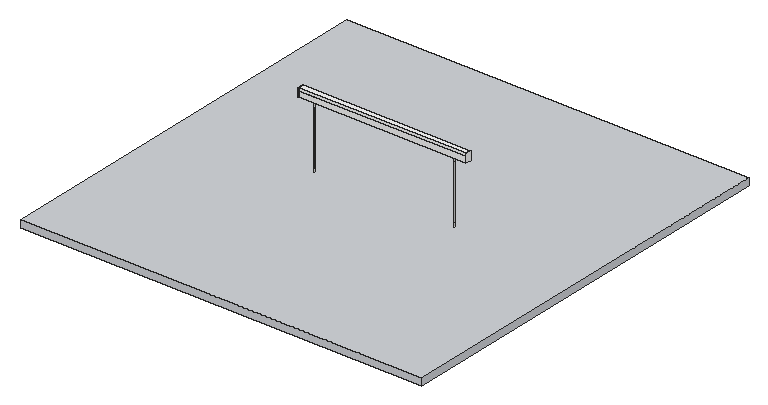
Revit family "Thorn EQUALINE MINI", category Lighting Fixtures, host Face, Revit 2016
Family settings
  Host = Face
  Part Type = Normal
  Round Connector Dimension = Use Diameter
  OmniClass Number = 23.80.70.11
  OmniClass Title = Luminaries for Internal Lighting
  Cut with Voids When Loaded = No
  Light Source = Yes
  Shared = No
  Room Calculation Point = No
Parameters (values of type "EQUAMINI L1180")
  Width = 37 mm  # constant formula
  Wattage Comments = ""
  Wattage = 14.5346 W
  built-in parameter 1150110 = 1 (stored number, unit not read)
  Voltage = 230 V
  URL = "www.thornlighting.com/96630769"
  Type Comments = "© Thorn. We reserve the right to make technical changes without prior notice."  # constant formula
  built-in parameter 1114217 = 1 (stored number, unit not read)
  Tilt Angle = -90.00°
  built-in parameter 1150109 = 1 (stored number, unit not read)
  built-in parameter 1150134 = 12
  Suspension Value [instance] = if(Suspension Height = 0 mm, 5 mm, if(Suspension Height < 200 mm, 5 mm, Suspension Height - 60 mm))  # 440 mm
  Suspension Height [instance] = 500 mm
  Suspension [instance] = Thorn_Metal_White
  built-in parameter 1150113 = 1 (stored number, unit not read)
  Show Suspension [instance] = Suspension Height > 199 mm  # yes
  Photometric Web File = "96630769_(STD).IES"
  Model = "96630769"
  Manufacturer = "Thorn Lighting"  # constant formula
  built-in parameter 1150105 = 171.81 (stored number, unit not read)
  Lumens = 2159 lm
  built-in parameter 1150115 = 1 (stored number, unit not read)
  built-in parameter 1150137 = (empty or 0)
  built-in parameter 1150139 = (empty or 0)
  Length = 1180 mm
  built-in parameter 1150112 = 1 (stored number, unit not read)
  built-in parameter 1150114 = 1 (stored number, unit not read)
  Lamp = "LED"  # constant formula
  built-in parameter 1150132 = 2
  built-in parameter 1150102 = (empty or 0)
  built-in parameter 1150107 = 4000 (stored number, unit not read)
  built-in parameter 1150138 = (empty or 0)
  built-in parameter 1150106 = 1.7181 (stored number, unit not read)
  Height = 60 mm  # constant formula
  Emit from Rectangle Width = Length  # 1180 mm
  Emit from Rectangle Length = Width  # 37 mm
  Emit Shape Visible in Rendering = no
  built-in parameter 1150104 = 13.8 (stored number, unit not read)
  Dimming Lamp Color Temperature Shift = <None>
  Description = "LED luminaire"  # constant formula
  Default Elevation = 0 mm
  Cover = Thorn_PMMA
  Color Filter = 16777215
  Body = Thorn_Metal_White
  built-in parameter 1114218 = 1 (stored number, unit not read)
  built-in parameter 1150133 = 10 (stored number, unit not read)
  Assembly Code = "D5020200"
  Apparent Load = 18.3 VA
Types (2, lengths in mm): name | Wattage | URL | Photometric Web File | Model | built-in parameter 1150105 | Lumens | Length | built-in parameter 1150106 | Emit from Rectangle Width | Apparent Load
  EQUAMINI L580 | 7.82271 W | "www.thornlighting.com/96630771" | "96630771_(STD).IES" | "96630771" | 92.469 (stored number, unit not read) | 1162 lm | 580 | 0.92469 (stored number, unit not read) | 580 | 9.8 VA
  EQUAMINI L1180 | 14.5346 W | "www.thornlighting.com/96630769" | "96630769_(STD).IES" | "96630769" | 171.81 (stored number, unit not read) | 2159 lm | 1180 | 1.7181 (stored number, unit not read) | 1180 | 18.3 VA
Reference planes
  plane 1 "Center (Front/Back)": y = 0
  plane 2 "Top": z = 0
  plane 3 "Center (Left/Right)": x = 399.5
  plane 4: y = 18.5
  plane 5 "Left": x = -190.5
  plane 6 "Right": x = 989.5
  plane 7: z = 500
  plane 8 "Top Cover": z = 440
  plane 9 "Suspension Left": x = -90.5
  plane 10 "Suspension Right": x = 889.5
  plane 11: y = -18.5
  plane 12: z = 482
  plane 13: x = -185.5
  plane 14: x = 984.5
  plane 15: x = -188
  plane 16: x = 987
Forms (mm)
  Extrusion 1, solid
    sketch origin (0, 0, 0) x (1, 0, 0) y (0, 1, 0)
      loop
        line (-1010.5, 1431.145) -> (-1010.5, -1431.145) -> (1809.5, -1431.145) -> (1809.5, 1431.145) -> (-1010.5, 1431.145)
    from 0 to -52.502
  Extrusion 2, solid, material "Thorn_PMMA" <- "Cover", detail levels medium+fine
    sketch origin (0, 0, 47.787) x (0, 1, 0) y (-1, 0, 0)
      loop
        line (18.5, 188) -> (-18.5, 188) -> (-18.5, -987) -> (18.5, -987) -> (18.5, 188)
    from 434.213 to 452.213
  Extrusion 3, solid, material "Thorn_Metal_White" <- "Body", detail levels medium+fine
    sketch origin (399.5, 0, 0) x (0, 0, -1) y (0, -1, 0)
      loop
        line (-440, 18.5) -> (-482, 18.5) -> (-482, -18.5) -> (-440, -18.5) -> (-440, -13.5) -> (-445, -13.5) -> (-445, 13.5) -> (-440, 13.5) -> (-440, 18.5)
    from -585 to 585
  Sweep 4, solid, material "Thorn_Metal_White" <- "Suspension", detail levels medium+fine
    path origin (0, 0, 440) x (-1, 0, 0) y (0, -1, 0)
      loop
        line (115.5, 0) -> (65.5, 0)
    profile origin (-90.5, 0, 440) x (0, 1, 0) y (0, 0, 1)
      loop
        line (13.5, 5) -> (10.742, 5) -> (7.244, -2.5) -> (-7.244, -2.5) -> (-10.742, 5) -> (-13.5, 5) -> (-8.837, -5) -> (8.837, -5) -> (13.5, 5)
  Sweep 5, solid, material "Thorn_Metal_White" <- "Suspension", detail levels medium+fine
    path origin (275, 0, 440) x (-1, 0, 0) y (0, -1, 0)
      loop
        line (-589.5, 0) -> (-639.5, 0)
    profile origin (889.5, 0, 440) x (0, 1, 0) y (0, 0, 1)
      loop
        line (13.5, 5) -> (10.742, 5) -> (7.244, -2.5) -> (-7.244, -2.5) -> (-10.742, 5) -> (-13.5, 5) -> (-8.837, -5) -> (8.837, -5) -> (13.5, 5)
  Extrusion 6, solid, material "Thorn_Metal_White" <- "Body", detail levels medium+fine
    sketch origin (0, 0, 0) x (1, 0, 0) y (0, 0, 1)
      loop
        line (-188, 500) -> (-190.5, 500) -> (-190.5, 440) -> (-185.5, 440) -> (-185.5, 482) -> (-188, 482) -> (-188, 500)
      loop
        line (987, 500) -> (987, 482) -> (984.5, 482) -> (984.5, 440) -> (989.5, 440) -> (989.5, 500) -> (987, 500)
    from -18.5 to 18.5
Lines and regions (mm)
  Masking region 1, detail levels coarse
    outline origin (0, 0, 440) x (-1, 0, 0) y (0, -1, 0)
      loop
        line (190.5, -18.5) -> (190.5, 18.5) -> (-989.5, 18.5) -> (-989.5, -18.5) -> (190.5, -18.5)
Dimensions and locks
  "Length": plane 5 "Left" to plane 6 "Right"
  equal spacing: plane 5 "Left", plane 3 "Center (Left/Right)", plane 6 "Right"
  "Suspension Value": plane 8 "Top Cover" to plane 2 "Top"
  plane 7 to plane 12 to plane 8 "Top Cover" = 18 mm locked, 42 mm locked
  locked: plane 9 "Suspension Left" to plane 5 "Left" at 100
  locked: plane 10 "Suspension Right" to plane 6 "Right" at 100
  plane 13 to plane 15 to plane 5 "Left" = 2.5 mm locked, 2.5 mm locked
  plane 14 to plane 16 to plane 6 "Right" = 2.5 mm locked, 2.5 mm locked
  Sweep 5 sketch curve to plane 10 "Suspension Right" to Sweep 5 sketch curve = 25 mm locked, 25 mm locked
  Sweep 4 sketch curve to plane 9 "Suspension Left" to Sweep 4 sketch curve = 25 mm locked, 25 mm locked
  aligned and locked: Extrusion 1 to plane 2 "Top"
  aligned and locked: plane 7 to imposter light
  aligned and locked: plane 1 "Center (Front/Back)" to nested 1
  aligned and locked: nested 1 to plane 9 "Suspension Left"
  aligned and locked: nested 2 to plane 10 "Suspension Right"
  aligned and locked: imposter light to plane 1 "Center (Front/Back)"
  aligned and locked: Extrusion 2 sketch curve to plane 4
  aligned and locked: Extrusion 2 sketch curve to plane 11
  aligned and locked: Extrusion 2 to plane 7
  aligned and locked: Extrusion 2 to plane 12
  aligned and locked: plane 11 to Extrusion 3 sketch curve
  aligned and locked: Extrusion 3 sketch curve to plane 4
  aligned and locked: Extrusion 3 sketch curve to plane 12
  aligned and locked: Extrusion 3 sketch curve to plane 8 "Top Cover"
  aligned and locked: Extrusion 3 to plane 13
  aligned and locked: Extrusion 3 to plane 14
  aligned and locked: plane 15 to Extrusion 2 sketch curve
  aligned and locked: plane 16 to Extrusion 2 sketch curve
  aligned and locked: imposter light to Extrusion 6 sketch curve
  aligned and locked: Extrusion 6 sketch curve to plane 5 "Left"
  aligned and locked: Extrusion 6 sketch curve to plane 12  (x2)
  aligned and locked: Extrusion 6 sketch curve to plane 15
  aligned and locked: Extrusion 6 sketch curve to plane 8 "Top Cover"  (x2)
  aligned and locked: Extrusion 6 sketch curve to plane 13
  aligned and locked: plane 7 to Extrusion 6 sketch curve
  aligned and locked: plane 6 "Right" to Extrusion 6 sketch curve
  aligned and locked: plane 16 to Extrusion 6 sketch curve
  aligned and locked: plane 14 to Extrusion 6 sketch curve
  aligned and locked: Masking region 1 sketch curve to plane 4
  aligned and locked: plane 5 "Left" to Masking region 1 sketch curve
  aligned and locked: Masking region 1 sketch curve to plane 11
  aligned and locked: plane 6 "Right" to Masking region 1 sketch curve
Automatic sketch dimensions
  Extrusion 1 sketch curve to Extrusion 1 sketch curve = 2820 mm
  Extrusion 1 sketch curve to Extrusion 1 sketch curve = 2862.29 mm
  Extrusion 3 sketch curve to plane 8 "Top Cover" = 0 mm
  plane 8 "Top Cover" to Extrusion 3 sketch curve = 5 mm
  Extrusion 3 sketch curve to plane 4 = 5 mm
  Extrusion 3 sketch curve to plane 11 = 5 mm
  plane 1 "Center (Front/Back)" to Sweep 4 sketch curve = 0 mm
  plane 8 "Top Cover" to Sweep 4 sketch curve = 5 mm  (x2)
  profile plane to Sweep 4 sketch curve = 13.5 mm
  Sweep 4 sketch curve to Sweep 4 sketch curve = 2.758 mm  (x2)
  profile plane to Sweep 4 sketch curve = 8.837 mm
  Sweep 4 sketch curve to Sweep 4 sketch curve = 1.593 mm  (x2)
  Sweep 4 sketch curve to plane 8 "Top Cover" = 2.5 mm
  Sweep 4 sketch curve to profile plane = 7.244 mm
  Sweep 4 sketch curve to Sweep 4 sketch curve = 3.497 mm
  Sweep 4 sketch curve to Sweep 4 sketch curve = 2.5 mm
  plane 1 "Center (Front/Back)" to Sweep 5 sketch curve = 0 mm
  plane 8 "Top Cover" to Sweep 5 sketch curve = 5 mm  (x2)
  profile plane to Sweep 5 sketch curve = 13.5 mm
  Sweep 5 sketch curve to Sweep 5 sketch curve = 2.758 mm  (x2)
  profile plane to Sweep 5 sketch curve = 8.837 mm
  Sweep 5 sketch curve to Sweep 5 sketch curve = 1.593 mm  (x2)
  Sweep 5 sketch curve to plane 8 "Top Cover" = 2.5 mm
  Sweep 5 sketch curve to profile plane = 7.244 mm
  Sweep 5 sketch curve to Sweep 5 sketch curve = 3.497 mm
  Sweep 5 sketch curve to Sweep 5 sketch curve = 2.5 mm
Nested families
  nested 1: "Suspension" at (-90.5, 0, 0), Suspension <- "Suspension", type "Suspension", detail levels medium+fine
    with Suspension Thorn_Metal_White, Suspension Value 440 mm
  nested 2: "Suspension" at (889.5, 0, 0) x (-1, 0, 0) z (0, 0, 1), Suspension <- "Suspension", type "Suspension", detail levels medium+fine
    with Suspension Thorn_Metal_White, Suspension Value 440 mm
Definition of nested family "Suspension"
  Parameters (values of type "Suspension")
    Suspension Value = 500 mm
    Suspension [instance] = none
    Show Suspension = yes
  Reference planes
    plane 1 "Light Source Axis (F/B)": y = 0
    plane 2: z = 0
    plane 3 "Light Source Axis (L/R)": x = 0
    plane 4 "Light Source Elevation": z = 0
    plane 5: z = 25
    plane 6: z = 500
    plane 7: z = 470
    plane 8: z = 495
  Forms (mm)
    Extrusion 1, solid, material <- "Suspension", visible <- "Show Suspension"
      sketch origin (661.466, 0, 85) x (0, -1, 0) y (1, 0, 0)
        loop
          circle (0, -661.466) r 4
      from 410 to 385
    Extrusion 2, solid, material <- "Suspension", visible <- "Show Suspension"
      sketch origin (639.464, 0, 65) x (0, -1, 0) y (1, 0, 0)
        loop
          circle (0, -639.464) r 1.5
      from -40 to 405
    Extrusion 3, solid, material <- "Suspension", visible <- "Show Suspension"
      sketch origin (661.466, 0, -175) x (0, -1, 0) y (1, 0, 0)
        loop
          circle (0, -661.466) r 4
      from 200 to 175
  Dimensions and locks
    locked: plane 4 "Light Source Elevation" to plane 5 at 25
    "Suspension Value": plane 4 "Light Source Elevation" to plane 6
    locked: plane 8 to plane 7 at 25
    locked: plane 6 to plane 8 at 5
    aligned and locked: level to plane 2
    aligned and locked: plane 7 to Extrusion 2
    aligned and locked: Extrusion 1 to Extrusion 2
    aligned and locked: plane 5 to Extrusion 3
    aligned and locked: Extrusion 2 to plane 5
    aligned and locked: plane 4 "Light Source Elevation" to Extrusion 3
    aligned and locked: Extrusion 1 to plane 7
    aligned and locked: plane 8 to Extrusion 1
  Automatic sketch dimensions
    plane 1 "Light Source Axis (F/B)" to Extrusion 1 sketch curve = 0 mm
    Extrusion 1 sketch curve to plane 3 "Light Source Axis (L/R)" = 0 mm
    plane 1 "Light Source Axis (F/B)" to Extrusion 2 sketch curve = 0 mm
    Extrusion 2 sketch curve to plane 3 "Light Source Axis (L/R)" = 0 mm
    plane 1 "Light Source Axis (F/B)" to Extrusion 3 sketch curve = 0 mm
    Extrusion 3 sketch curve to plane 3 "Light Source Axis (L/R)" = 0 mm
    radius of Extrusion 1 sketch curve = 4 mm
    radius of Extrusion 2 sketch curve = 1.5 mm
    radius of Extrusion 3 sketch curve = 4 mm
